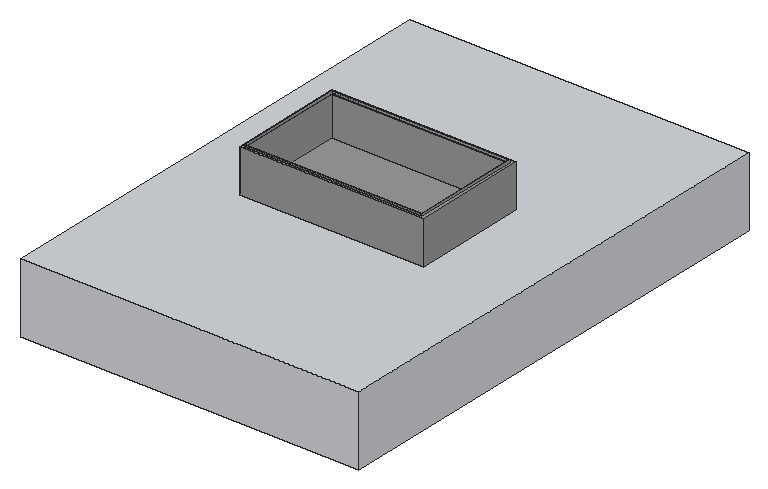
Revit family "Hager-Univers-IP30-D205-H500-Cl.II-Encl-CH-fr", category Equipement électrique, Revit 2020
Family settings
  Hôte = Face
  Configuration du panneau = Deux colonnes, circuits au sein
  Cote de connecteur circulaire = Utiliser le diamètre
  Type d'élément = Tableau de raccordement
  Couper avec des vides une fois chargée = Non
  Partagée = Non
  Point de calcul de pièce = Non
Parameters (values of type "saillie IP30 L800 H500 P205  - FP33Q1S")
  Width Control [instance] = if([EF000008 - largeur] > Min Width, [EF000008 - largeur], Min Width)  # 800 mm
  Commentaires du type = [HG000003 - Gamme]  # "Univers"
  Thickness Door [instance] = if([EF009171 - épaisseur de matériau de la porte/du couvercle] > 3 mm, 3 mm, [EF009171 - épaisseur de matériau de la porte/du couvercle])  # 1 mm
  Seal Frame Offset [instance] = 17 mm  # constant formula
  Plinth Visibility [instance] = [HG000027 - Hauteur du socle] > 0 mm  # no
  Model = ""
  Min Width [instance] = 100 mm  # constant formula
  Min Height [instance] = 100 mm  # constant formula
  Min Depth [instance] = (2 * [EF009170 - épaisseur de matériau du boîtier]) + 1 mm  # 3 mm
  Internal Frame Depth [instance] = (Door System Depth * 0.5)  # 9 mm
  Height Control [instance] = if([EF000040 - hauteur] > Min Height, [EF000040 - hauteur], Min Height)  # 500 mm
  HG000027 - Hauteur du socle = 0 mm
  HG000026 - Installation au sol = no
  HG000024 - Hauteur de la section basse = 800 mm
  HG000023 - Armoire double section = no
  HG000016 - Visibilité de la porte 3D [instance] = yes
  HG000015 - Visibilité de l'emprise de la porte [instance] = no
  HG000014 - Porte à droite [instance] = yes
  HG000013 - Porte à gauche [instance] = not([HG000014 - Porte à droite])  # no
  HG000012 - Angle de pivotement de la porte [instance] = 30.00°
  HG000010 - Portes asymétriques = no
  HG000009 - Porte à double battant = no
  HG000006 - Encastré = no
  HG000004 - Référence fabricant = "FP33Q1S"
  HG000003 - Gamme = "Univers"
  HG000002 - avec porte = no
  Frame Offset Bottom [instance] = 10 mm  # constant formula
  Frame Offset [instance] = 15 mm  # constant formula
  EF015940 - couvercle avec décharge de pression = no
  EF011959 - degré de protection (NEMA) = ""
  EF009554 - nombre d'ouvertures pour plaques à bride = 6
  Fabricant = "Hager"  # constant formula
  EF009212 - finition du couvercle = "EV009916 - avec échancrure"
  EF009171 - épaisseur de matériau de la porte/du couvercle = 1 mm
  EF009170 - épaisseur de matériau du boîtier = 1 mm
  EF008873 - courant nominal (In) = 250 A
  EF007800 - adapté à un parafoudre = no
  EF006306 - avec serrure = no
  EF006244 - couvercle/porte transparent(e) = no
  EF005474 - indice de protection (IP) = "EV006410 - IP30"
  EF004464 - type de porte = "EV000494 - sans"
  EF004427 - nombre de modules = 108
  EF004293 - indice de protection contre les chocs (IK) = "EV006813 - IK07"
  EF003532 - convient pour utilisation à l’extérieur = no
  EF002950 - largeur en nombre de modules = 36
  EF001613 - maintien de fonction = "EV000494 - sans"
  EF001596 - matériau du boîtier/corps = "EV000179 - acier"
  EF001131 - profondeur intérieure = 130 mm
  EF001088 - possibilité de montage en saillie = yes
  EF000437 - nombre d'entrées de conduit = 6
  EF000339 - type de capot = "EV000494 - sans"
  EF000266 - nombre de rangées = 3
  EF000218 - profondeur d'encastrement = 0 mm
  EF000118 - avec cadre/support de montage = no
  EF000116 - numéro RAL = "9010"
  EF000049 - profondeur = 205 mm
  EF000040 - hauteur = 500 mm
  EF000008 - largeur = 800 mm
  EF000007 - couleur = "EV000202 - blanc"
  EF000003 - mode de pose = "EV000384 - saillie"
  Door System Leaf Tolerance [instance] = 1.5 mm  # constant formula
  Door System Depth [instance] = 18 mm  # constant formula
  Door Height [instance] = Height Control - [HG000027 - Hauteur du socle]  # 500 mm
  Depth Control [instance] = if([EF000049 - profondeur] > Min Depth, [EF000049 - profondeur], Min Depth)  # 205 mm
  Default Elevation = 0 mm
  Connector Offset [instance] = Height Control / 2  # 250 mm
  Bottom Top Plate Trim [instance] = 1.5 mm  # constant formula
  Plinth height Ctrl [instance] = if([HG000027 - Hauteur du socle] > 0 mm, [HG000027 - Hauteur du socle], 12 mm)  # 12 mm
Types (5, lengths in mm): name | Width Control | HG000004 - Référence fabricant | EF009554 - nombre d'ouvertures pour plaques à bride | EF004427 - nombre de modules | EF002950 - largeur en nombre de modules | EF000437 - nombre d'entrées de conduit | EF000008 - largeur
  saillie IP30 L1050 H500 P205  - FP34Q1S | 1050 | "FP34Q1S" | 8 | 144 | 48 | 8 | 1050
  saillie IP30 L1300 H500 P205  - FP35Q1S | 1300 | "FP35Q1S" | 10 | 180 | 60 | 10 | 1300
  saillie IP30 L300 H500 P205  - FP31Q1S | 300 | "FP31Q1S" | 2 | 36 | 12 | 2 | 300
  saillie IP30 L550 H500 P205  - FP32Q1S | 550 | "FP32Q1S" | 4 | 72 | 24 | 4 | 550
  saillie IP30 L800 H500 P205  - FP33Q1S | 800 | "FP33Q1S" | 6 | 108 | 36 | 6 | 800
Reference planes
  plane 1 "Center (Front/Back)": y = 0
  plane 2: z = 0
  plane 3 "Center (Left/Right)": x = 0
  plane 4: z = 205
  plane 5: y = 1
  plane 6: y = 250
  plane 7: y = 0
  plane 8: y = 500
  plane 9: z = 0
  plane 10: x = -385
  plane 11: x = 385
  plane 12: x = 384
  plane 13: x = -384
  plane 14: y = 499
  plane 15: x = -383
  plane 16: x = -400
  plane 17: x = 383
  plane 18: x = 400
  plane 19: x = 399
  plane 20: x = -399
  plane 21: y = 11
  plane 22: y = 500
  plane 23: y = 484
  plane 24: z = 187
  plane 25: z = 1
  plane 26: z = 186
  plane 27: z = 204
Forms (mm)
  Extrusion 1, solid
    sketch origin (0, 0, 0) x (1, 0, 0) y (0, 1, 0)
      loop
        line (-702.964, 1305) -> (-702.964, -811.445) -> (766.763, -811.445) -> (766.763, 1305) -> (-702.964, 1305)
    from 0 to -304.8
  Extrusion 2, solid, material "Hager_Steel_RAL7035_Light_Grey", visible <- "Plinth Visibility", detail levels medium+fine
    sketch origin (0, 0, 0) x (1, 0, 0) y (0, 1, 0)
      loop
        line (-400, 0) -> (400, 0) -> (400, 12) -> (-400, 12) -> (-400, 0)
    from 0 to 187
  Extrusion 3, solid, material "Hager_Steel_RAL7035_Light_Grey", detail levels medium+fine
    sketch origin (0, 0, 0) x (1, 0, 0) y (0, 1, 0)
      loop
        line (-400, 0) -> (400, 0) -> (400, 500) -> (-400, 500) -> (-400, 0)
    from 0 to 187
  Extrusion 4, void
    sketch origin (0, 0, 0) x (1, 0, 0) y (0, 1, 0)
      loop
        line (-399, 1) -> (399, 1) -> (399, 499) -> (-399, 499) -> (-399, 1)
    from 1 to 186
  Extrusion 5, void
    sketch origin (-381.607, -4572, 187) x (0, -1, 0) y (-1, 0, 0)
      loop
        line (-4583, 2.393) -> (-5056, 2.393) -> (-5056, -765.607) -> (-4583, -765.607) -> (-4583, 2.393)
    from 0 to 1 <- "EF009170 - épaisseur de matériau du boîtier"
  Extrusion 6, solid, material "Hager_Steel_RAL7035_Light_Grey", detail levels fine
    sketch origin (0, 0, 187) x (1, 0, 0) y (0, 1, 0)
      loop
        line (-384, 484) -> (-384, 11) -> (384, 11) -> (384, 484) -> (-384, 484)
      loop
        line (-385, 10) -> (385, 10) -> (385, 485) -> (-385, 485) -> (-385, 10)
    from 0 to 9 <- "Internal Frame Depth"
  Extrusion 7, solid, material "Hager_Steel_RAL7035_Light_Grey", detail levels coarse
    sketch origin (0, 0, 0) x (1, 0, 0) y (0, 1, 0)
      loop
        line (-400, 0) -> (400, 0) -> (400, 500) -> (-400, 500) -> (-400, 0)
    from 0 to 205
  Sweep 8, void
    path in 3D
      loop
        line (-400, 12, 0) -> (400, 12, 0) -> (400, 12, 187) -> (-400, 12, 187) -> (-400, 12, 0)
    profile origin (-400, 12, 93.5) x (-1, 0, 0) y (0, -1, 0)
      loop
        line (0, 0) -> (0, 1.5) -> (-1.5, 1.5)
        arc (-1.5, 1.5) -> (-1.061, 0.439) -> (0, 0) r 1.5
Cuts and joins
  Extrusion 4, Extrusion 5 cuts Extrusion 3
  Sweep 8 cuts Extrusion 2
Lines and regions (mm)
  Masking region 1
    outline origin (0, 0, 0) x (1, 0, 0) y (0, 0, 1)
      loop
        line (-400, 205) -> (-400, 0) -> (400, 0) -> (400, 205) -> (-400, 205)
  Masking region 2, detail levels medium+fine
    outline origin (0, 140, 0) x (0, 1, 0) y (0, 0, 1)
      loop
        line (-140, 0) -> (360, 0) -> (360, 187) -> (-140, 187) -> (-140, 0)
  Masking region 3, not visible, detail levels medium+fine
    outline origin (0, 297.922, 0) x (0, 1, 0) y (0, 0, 1)
      loop
        line (-36.422, 0) -> (3.578, 0) -> (3.578, 194)
        arc (3.578, 194) -> (0.649, 201.071) -> (-6.422, 204) r 10
        line (-6.422, 204) -> (-36.422, 204) -> (-36.422, 0)
  Masking region 4, detail levels coarse
    outline origin (0, 0, 180) x (0, 1, 0) y (0, 0, 1)
      loop
        line (0, -180) -> (500, -180) -> (500, 25) -> (0, 25) -> (0, -180)
  Masking region 5, visible <- "Plinth Visibility", detail levels medium+fine
    outline origin (0, 52.24, 12.345) x (0, 0, -1) y (0, 1, 0)
      loop
        line (10.845, -40.24) -> (-173.155, -40.24)
        arc (-173.155, -40.24) -> (-173.594, -41.301) -> (-174.655, -41.74) r 1.5
        line (-174.655, -41.74) -> (-174.655, -52.24) -> (12.345, -52.24) -> (12.345, -41.74)
        arc (12.345, -41.74) -> (11.285, -41.301) -> (10.845, -40.24) r 1.5
  Masking region 6, detail levels medium+fine
    outline origin (-381.607, -4572, 187) x (-1, 0, 0) y (0, -1, 0)
      loop
        line (18.393, -5072) -> (18.393, -4572) -> (-781.607, -4572) -> (-781.607, -5072) -> (18.393, -5072)
  Masking region 7, visible <- "Plinth Visibility", detail levels medium+fine
    outline origin (-381.607, -4727, 187) x (-1, 0, 0) y (0, -1, 0)
      loop
        arc (16.893, -4739) -> (17.332, -4737.939) -> (18.393, -4737.5) r 1.5
        line (18.393, -4737.5) -> (18.393, -4727) -> (-781.607, -4727) -> (-781.607, -4737.5)
        arc (-781.607, -4737.5) -> (-780.546, -4737.939) -> (-780.107, -4739) r 1.5
        line (-780.107, -4739) -> (16.893, -4739)
  Masking region 8, detail levels coarse
    outline origin (-442.548, -4669.526, 187) x (-1, 0, 0) y (0, -1, 0)
      loop
        line (-42.548, -5169.526) -> (-42.548, -4669.526) -> (-842.548, -4669.526) -> (-842.548, -5169.526) -> (-42.548, -5169.526)
  sketch lines
    curve 1: line (-400, 12, 187) -> (-400, 12, 0)
    curve 2: line (400, 12, 187) -> (-400, 12, 187)
    curve 3: line (400, 12, 187) -> (400, 12, 0)
    curve 4: line (-400, 12, 0) -> (400, 12, 0)
Dimensions and locks
  "Depth Control": plane 4 to Extrusion 1
  "HG000027 - Hauteur du socle": plane 1 "Center (Front/Back)" to plane 7
  "EF009170 - épaisseur de matériau du boîtier": plane 5 to plane 7
  locked: connector elem to plane 3 "Center (Left/Right)"
  equal spacing: plane 8, plane 6, plane 7
  locked: connector elem to plane 6
  "EF009170 - épaisseur de matériau du boîtier": plane 8 to plane 14
  "EF009170 - épaisseur de matériau du boîtier": plane 10 to plane 13
  "EF009170 - épaisseur de matériau du boîtier": plane 12 to plane 11
  "Frame Offset": plane 20 to plane 13
  "Frame Offset": plane 12 to plane 19
  "EF009170 - épaisseur de matériau du boîtier": plane 16 to plane 20
  "EF009170 - épaisseur de matériau du boîtier": plane 19 to plane 18
  "Seal Frame Offset": plane 16 to plane 15
  "Seal Frame Offset": plane 17 to plane 18
  "Frame Offset Bottom": plane 21 to plane 5
  "Frame Offset": plane 14 to plane 23
  equal spacing: plane 16, plane 3 "Center (Left/Right)", plane 18
  "Width Control": plane 16 to plane 18
  "EF009170 - épaisseur de matériau du boîtier": plane 4 to plane 27
  "EF009170 - épaisseur de matériau du boîtier": plane 24 to plane 26
  "EF009170 - épaisseur de matériau du boîtier": plane 25 to level
  "Door System Depth": plane 4 to plane 24
  "Height Control": plane 1 "Center (Front/Back)" to Extrusion 7 sketch curve
  "Height Control": Masking region 4 sketch curve to plane 1 "Center (Front/Back)"
  "Height Control": plane 1 "Center (Front/Back)" to plane 22
  "Bottom Top Plate Trim": profile plane to Sweep 8 sketch curve
  "Bottom Top Plate Trim": Sweep 8 sketch curve to profile plane
  "Plinth height Ctrl": plane 1 "Center (Front/Back)" to Extrusion 2 sketch curve
  "Plinth height Ctrl": Masking region 5 sketch curve to plane 1 "Center (Front/Back)"
  "Plinth height Ctrl": plane 1 "Center (Front/Back)" to Masking region 7 sketch curve
  "Thickness Door": Extrusion 6 sketch curve to Extrusion 6 sketch curve  (x3)
  "Thickness Door": cut or joined group of Extrusion 3, Extrusion 4, Extrusion 5 to Extrusion 6 sketch curve
  radius of Masking region 3 sketch curve = 10 mm
  "Bottom Top Plate Trim": radius of Masking region 5 sketch curve  (x2)
  "Bottom Top Plate Trim": radius of Sweep 8 sketch curve
  "Bottom Top Plate Trim": radius of Masking region 7 sketch curve  (x2)
  aligned and locked: plane 2 to Extrusion 1
  aligned and locked: level to Extrusion 1
  aligned and locked: level to Masking region 1 sketch curve
  aligned and locked: Masking region 1 sketch curve to plane 18
  aligned and locked: Masking region 1 sketch curve to plane 16
  aligned and locked: plane 7 to Masking region 2 sketch curve
  aligned and locked: level to Masking region 3 sketch curve
  aligned and locked: Masking region 3 sketch curve to plane 27
  aligned and locked: level to Masking region 2 sketch curve
  aligned and locked: plane 1 "Center (Front/Back)" to Extrusion 2 sketch curve
  aligned and locked: Extrusion 3 sketch curve to plane 7
  aligned and locked: plane 16 to Extrusion 3 sketch curve
  aligned and locked: plane 18 to Extrusion 3 sketch curve
  aligned and locked: plane 20 to Extrusion 4 sketch curve
  aligned and locked: plane 19 to Extrusion 4 sketch curve
  aligned and locked: Extrusion 4 sketch curve to plane 5
  aligned and locked: Extrusion 4 to plane 25
  aligned and locked: plane 26 to Extrusion 4
  aligned and locked: plane 24 to Extrusion 3
  aligned and locked: Extrusion 5 sketch curve to plane 21
  aligned and locked: Extrusion 5 sketch curve to plane 13
  aligned and locked: Extrusion 5 sketch curve to plane 12
  aligned and locked: plane 18 to Extrusion 7 sketch curve
  aligned and locked: plane 1 "Center (Front/Back)" to Extrusion 7 sketch curve
  aligned and locked: plane 16 to Extrusion 7 sketch curve
  aligned and locked: plane 4 to Extrusion 7
  aligned and locked: Extrusion 7 to level
  aligned and locked: level to Masking region 4 sketch curve
  aligned and locked: Masking region 4 sketch curve to plane 1 "Center (Front/Back)"
  aligned and locked: Masking region 4 sketch curve to plane 4
  aligned and locked: nested 1 to level
  aligned and locked: nested 1 to plane 16
  aligned and locked: plane 8 to Extrusion 3 sketch curve
  aligned and locked: plane 23 to Extrusion 5 sketch curve
  aligned and locked: plane 14 to Extrusion 4 sketch curve
  aligned and locked: Masking region 2 sketch curve to plane 8
  aligned and locked: level to Masking region 5 sketch curve
  aligned and locked: plane 16 to Extrusion 2 sketch curve
  aligned and locked: plane 18 to Extrusion 2 sketch curve
  aligned and locked: Masking region 5 sketch curve to plane 24
  aligned and locked: Masking region 2 sketch curve to plane 24
  aligned and locked: plane 24 to Extrusion 2
  aligned and locked: profile plane to Sweep 8 sketch curve  (x2)
  aligned and locked: Masking region 6 sketch curve to plane 18
  aligned and locked: Masking region 6 sketch curve to plane 22
  aligned and locked: Masking region 6 sketch curve to plane 16
  aligned and locked: plane 8 to plane 22
  aligned and locked: Masking region 6 sketch curve to plane 7
  aligned and locked: Masking region 7 sketch curve to plane 16
  aligned and locked: Masking region 7 sketch curve to plane 1 "Center (Front/Back)"
  aligned and locked: Masking region 7 sketch curve to plane 18
  aligned and locked: Masking region 8 sketch curve to plane 1 "Center (Front/Back)"
  aligned and locked: Masking region 8 sketch curve to plane 18
  aligned and locked: Masking region 8 sketch curve to plane 22
  aligned and locked: Masking region 8 sketch curve to plane 16
  aligned and locked: nested 2 to plane 7
  aligned and locked: plane 3 "Center (Left/Right)" to nested 2
  aligned and locked: nested 2 to plane 24
  aligned and locked: Extrusion 6 sketch curve to cut or joined group of Extrusion 3, Extrusion 4, Extrusion 5  (x4)
Automatic sketch dimensions
  Extrusion 1 sketch curve to Extrusion 1 sketch curve = 1469.727 mm
  Extrusion 1 sketch curve to Extrusion 1 sketch curve = 2116.445 mm
  Masking region 1 sketch curve to plane 4 = 0 mm
  plane 6 to Masking region 3 sketch curve = 11.5 mm
  Masking region 3 sketch curve to Masking region 3 sketch curve = 30 mm
  Masking region 5 sketch curve to plane 1 "Center (Front/Back)" = 0 mm
Nested families
  nested 1: "Hager_Enclosure_Symbol" at (-400, 0, 0) x (1, 0, 0) z (0, -1, 0), Height <- "Depth Control", Width <- "Width Control", type "Hager_Enclosure_Symbol"
    with Width_Ctrl 800 mm, Width 800 mm, Height_Ctrl 205 mm, Height 205 mm, A_Width_Int 13.453 mm, A_Width 161.438 mm, A_Height_Ctrl 179.375 mm, A_Height 179.375 mm
  nested 2: "EC000058_Univers_Door" at (0, 0, 187) x (1, 0, 0) z (0, 1, 0), Leaf_Tolerance <- "Door System Leaf Tolerance", Angle <- "HG000012 - Angle de pivotement de la porte", Door_Depth <- "Door System Depth", Door_Left <- "HG000013 - Porte à gauche", Transparent <- "EF006244 - couvercle/porte transparent(e)", Assymetrical <- "HG000010 - Portes asymétriques", Width <- "Width Control", Clearance <- "HG000015 - Visibilité de l'emprise de la porte", Double <- "HG000009 - Porte à double battant", 3d_Door <- "HG000016 - Visibilité de la porte 3D", Lock_Visibility <- "EF006306 - avec serrure", Width_Ctrl <- "Width Control", Door_Right <- "HG000014 - Porte à droite", Door <- "HG000002 - avec porte", Height <- "Door Height", Thickness <- "Thickness Door", type "EC000058_Univers_Door", detail levels medium+fine
    with min_wh 3 mm, Width_Ctrl 800 mm, Width 800 mm, Transparent no, Thickness 1 mm, Seal_Material Hager_Rubber, Lock_Visibility no, Lock_Material Hager_Plastic_RAL9005_Jet_Black, Leaf_Width 800 mm, Leaf_Tolerance_External_Sides 0 mm, Leaf_Tolerance 1.5 mm, Leaf_Offset 0 mm, Leaf_Height 497 mm, Leaf_2_Width 800 mm, Leaf_2_Offset 400 mm, Leaf_1_Width 800 mm, Leaf_1_Offset 400 mm, Height_Ctrl 500 mm, Height 500 mm, Glass_Material Hager_Glass, Double_Clearance_Ctrl no, Double no, Door_Right_Ctrl no, Door_Right yes, Door_Material Hager_Steel_RAL7035_Light_Grey, Door_Left_Ctrl no, Door_Left no, Door_Depth 18 mm, Door no, Clearance_Material Hager_Clearance, Clearance_Depth 800 mm, Clearance_Ctrl no, Clearance no, Assymetrical no, Angle 30.00°, 3d_Door yes
Connectors
  electrical at (0, 250, 0)
    settings: on plane 9, index 1, voltage 0 V, apparent load 0 VA, apparent load phase1 0 VA, apparent load phase2 0 VA, apparent load phase3 0 VA, power factor 1, load classification "Other", number of poles 1, system type 30, power factor state 1, is connector primary yes, connector utility no, sub classification motor no, connector description ""
Definition of nested family "Hager_Enclosure_Symbol"
  Parameters (values of type "Hager_Enclosure_Symbol")
    Width_Ctrl [instance] = if(Width > 1 mm, Width, 1 mm)  # 102.27 mm
    Width [instance] = 102.27 mm
    Height_Ctrl [instance] = if(Height > 1 mm, Height, 1 mm)  # 66.5 mm
    A_Width_Int [instance] = if(A_Width / 12 > 2 mm, A_Width / 12, 2 mm)  # 4.364 mm
    A_Width [instance] = if(A_Height_Ctrl * 0.9 > 2 mm, A_Height_Ctrl * 0.9, 2 mm)  # 52.369 mm
    A_Height_Ctrl [instance] = if(A_Height > 2 mm, A_Height, 2 mm)  # 58.188 mm
    Height [instance] = 66.5 mm
    A_Height [instance] = Height - (Height / 8)  # 58.188 mm
  Reference planes
    plane 1 "Centre (avant/arrière)": y = 0
    plane 2: z = 0
    plane 3 "Centre (gauche/droite)": x = 0
    plane 4: x = 52.369
    plane 5: y = 33.042
    plane 6: y = 41.77
    plane 7: y = 66.5
    plane 8: x = 26.184
    plane 9: y = 37.406
    plane 10: x = 102.27
    plane 11: y = 66.5
    plane 12: y = 8.313
  Lines and regions (mm)
    Filled region 1, type "Solid_Black", in view "Niveau de réf."
      outline origin (0, 0, 0) x (1, 0, 0) y (0, 1, 0)
        loop
          line (52.369, 66.5) -> (33.188, 54.536) -> (45.365, 45.006) -> (52.369, 66.5)
    Filled region 2, type "Solid_Black", in view "Niveau de réf."
      outline origin (0, 0, 0) x (1, 0, 0) y (0, 1, 0)
        loop
          line (0, 0) -> (102.27, 0) -> (102.27, 66.5) -> (0, 0)
    detail lines, in view "Niveau de réf."
      curve 1: line (0, 8.313, 0) -> (26.184, 41.77, 0)
      curve 2: line (26.184, 41.77, 0) -> (26.184, 33.042, 0)
      curve 3: line (26.184, 33.042, 0) -> (52.369, 66.5, 0)
  Dimensions and locks
    "A_Width": plane 3 "Centre (gauche/droite)" to plane 4
    equal spacing: plane 3 "Centre (gauche/droite)", plane 8, plane 4
    equal spacing: plane 6, plane 9, plane 5
    equal spacing: curve 3, Filled region 1 sketch curve, Filled region 1 sketch curve
    "Height_Ctrl": plane 1 "Centre (avant/arrière)" to plane 11
    "A_Height_Ctrl": plane 11 to plane 12
    equal spacing: plane 11, plane 9, plane 12
    "A_Width_Int": plane 6 to plane 9
    "Width_Ctrl": plane 3 "Centre (gauche/droite)" to plane 10
    angle Filled region 1 sketch curve to curve 3 = 20.00°
    angle curve 3 to Filled region 1 sketch curve = 20.00°
    locked: curve 3 to Filled region 1 sketch curve (angle 90.00°)
    aligned and locked: plane 10 to Filled region 2
    aligned and locked: plane 11 to Filled region 2 sketch curve
    aligned and locked: plane 10 to Filled region 2 sketch curve
    aligned and locked: plane 3 "Centre (gauche/droite)" to curve 1
    aligned and locked: plane 12 to curve 1
    aligned and locked: plane 7 to plane 11
  Automatic sketch dimensions
    Filled region 1 sketch curve to plane 4 = 0 mm
    Filled region 1 sketch curve to plane 7 = 0 mm
    plane 1 "Centre (avant/arrière)" to Filled region 2 sketch curve = 0 mm
    Filled region 2 sketch curve to plane 3 "Centre (gauche/droite)" = 0 mm
    curve 2 to plane 6 = 0 mm
    curve 2 to plane 8 = 0 mm
    curve 3 to plane 4 = 0 mm
    curve 2 to plane 5 = 0 mm
    curve 3 to plane 7 = 0 mm
Definition of nested family "EC000058_Univers_Door"
  Parameters (values of type "EC000058_Univers_Door")
    min_wh [instance] = (2 * Thickness) + 1 mm  # 11 mm
    Width_Ctrl [instance] = 400 mm
    Width [instance] = 500 mm
    Transparent [instance] = yes
    Thickness [instance] = 5 mm
    Seal_Material [instance] = none
    Lock_Visibility [instance] = yes
    Lock_Material [instance] = none
    Leaf_Width [instance] = if((Width_Ctrl - 2 * Leaf_Tolerance_External_Sides) > 0 mm, (Width_Ctrl - 2 * Leaf_Tolerance_External_Sides), min_wh)  # 400 mm
    Leaf_Tolerance_External_Sides [instance] = 0 mm  # constant formula
    Leaf_Tolerance [instance] = 1.5 mm
    Leaf_Offset [instance] = 0 mm  # constant formula
    Leaf_Height [instance] = if((Height_Ctrl - 2 * Leaf_Tolerance) > 0 mm, (Height_Ctrl - 2 * Leaf_Tolerance), min_wh)  # 497 mm
    Leaf_2_Width [instance] = if(and(and(Double, Assymetrical), Door_Left), (Leaf_Width / 3) - (Leaf_Tolerance / 2), if(and(and(Double, Assymetrical), Door_Right), (Leaf_Width / 3) * 2 - (Leaf_Tolerance / 2), if(and(Double, not(Assymetrical)), (Leaf_Width / 2) - Leaf_Tolerance, Leaf_Width)))  # 400 mm
    Leaf_2_Offset [instance] = if(and(Double, Assymetrical), Leaf_2_Width / 2, if(and(Double, not(Assymetrical)), Leaf_Width / 4, Leaf_Width / 2))  # 200 mm
    Leaf_1_Width [instance] = if(and(and(Double, Assymetrical), Door_Right), (Leaf_Width / 3) - (Leaf_Tolerance / 2), if(and(and(Double, Assymetrical), Door_Left), (Width / 3) * 2 - (Leaf_Tolerance / 2), if(and(Double, not(Assymetrical)), (Leaf_Width / 2) - Leaf_Tolerance, Leaf_Width)))  # 400 mm
    Leaf_1_Offset [instance] = if(and(Double, Assymetrical), Leaf_1_Width / 2, if(and(Double, not(Assymetrical)), Leaf_Width / 4, Leaf_Width / 2))  # 200 mm
    Height_Ctrl [instance] = if(Height > min_wh, Height, min_wh)  # 500 mm
    Height [instance] = 500 mm
    Glass_Material [instance] = none
    Double_Clearance_Ctrl [instance] = and(Double, Clearance)  # no
    Double [instance] = no
    Door_Right_Ctrl [instance] = and(or(Door_Right, Double), Door)  # yes
    Door_Right [instance] = yes
    Door_Material [instance] = none
    Door_Left_Ctrl [instance] = and(or(Door_Left, Double), Door)  # no
    Door_Left [instance] = no
    Door_Depth [instance] = 30 mm
    Door [instance] = yes
    Default Elevation = 1219.2 mm
    Clearance_Material [instance] = none
    Clearance_Depth [instance] = if(Leaf_1_Width > Leaf_2_Width, Leaf_1_Width, Leaf_2_Width)  # 400 mm
    Clearance_Ctrl [instance] = and(not(Double), Clearance)  # yes
    Clearance [instance] = yes
    Assymetrical [instance] = yes
    Angle [instance] = 30.00°
    3d_Door [instance] = yes
  Reference planes
    plane 1 "Center (Front/Back)": y = 0
    plane 2 "Bottom": z = 0
    plane 3 "Center (Left/Right)": x = 0
    plane 4: z = 500
    plane 5: x = -200
    plane 6: x = 200
    plane 7: z = 500
    plane 8: x = -200
    plane 9: z = 0
    plane 10: x = 200
    plane 11: y = 0
    plane 12: z = 1.5
    plane 13: x = -600
    plane 14: y = -400
    plane 15: x = 600
    plane 16: x = 0
    plane 17: x = 0
    plane 18: x = -200
    plane 19: x = 200
    plane 20: z = 498.5
  Forms (mm)
    Extrusion 1, solid, material <- "Clearance_Material", visible <- "Double_Clearance_Ctrl"
      sketch origin (1200, 0, 0) x (1, 0, 0) y (0, 0, -1)
        loop
          line (-1800, -498.5) -> (-600, -498.5) -> (-600, 0) -> (-1800, 0) -> (-1800, -498.5)
      from 0 to -400
  Dimensions and locks
    equal spacing: plane 5, plane 3 "Center (Left/Right)", plane 6
    "Width_Ctrl": plane 5 to plane 6
    "Leaf_Offset": plane 5 to plane 8
    "Leaf_Offset": plane 6 to plane 10
    "Leaf_Offset": plane 9 to level
    "Leaf_Offset": plane 4 to plane 7
    "Height_Ctrl": plane 4 to level
    "Leaf_Tolerance": plane 12 to plane 9
    locked: plane 11 to plane 1 "Center (Front/Back)"
    "Leaf_1_Offset": plane 18 to plane 16
    "Leaf_2_Offset": plane 17 to plane 19
    "Leaf_1_Width": plane 13 to plane 8
    "Leaf_2_Width": plane 10 to plane 15
    "Clearance_Depth": plane 14 to plane 1 "Center (Front/Back)"
    "Leaf_Tolerance_External_Sides": plane 8 to plane 18
    "Leaf_Tolerance_External_Sides": plane 19 to plane 10
    "Leaf_Tolerance": plane 7 to plane 20
    aligned and locked: level to plane 2 "Bottom"
    aligned and locked: nested 1 to plane 16
    aligned and locked: nested 2 to plane 17
    aligned and locked: Extrusion 1 to plane 13
    aligned and locked: plane 15 to Extrusion 1
    aligned and locked: Extrusion 1 to plane 14
    aligned and locked: plane 12 to nested 1
    aligned and locked: nested 2 to plane 12
    aligned and locked: Extrusion 1 to plane 11
    aligned and locked: plane 20 to Extrusion 1
    aligned and locked: nested 2 to plane 11
    aligned and locked: nested 1 to plane 11
  Automatic sketch dimensions
    Extrusion 1 sketch curve to level = 0 mm
    plane 5 to Extrusion 1 sketch curve = 400 mm
    plane 6 to Extrusion 1 sketch curve = 400 mm
    Extrusion 1 sketch curve to plane 4 = 1.5 mm
  Nested families
    nested 1: "EC000058_Univers_Door_Leaf" at (0, 0, 1.5), Width <- "Leaf_1_Width", visible <- "Door_Left_Ctrl", Leaf_Height <- "Leaf_Height", Angle <- "Angle", 3d_Door <- "3d_Door", Transparent <- "Transparent", Clearance Material <- "Clearance_Material", Clearance <- "Clearance_Ctrl", Door_Material <- "Door_Material", Glass_Material <- "Glass_Material", Door_Depth <- "Door_Depth", Lock_Material <- "Lock_Material", Seal_Material <- "Seal_Material", Lock_Visibility <- "Lock_Visibility", Thickness <- "Thickness", type "EC000058_Univers_Door_Leaf"
      with Width 400 mm, Transparent_Glass_Offset 30 mm, Transparent_Ctrl yes, Transparent yes, Thickness 5 mm, Standard no, Seal_Material none, Seal_D2 8 mm, Seal_D1 1 mm, Offset_Internal_Frame 10 mm, Lock_Width 20 mm, Lock_Visibility_3d yes, Lock_Visibility yes, Lock_Thickness_3 3 mm, Lock_Thickness_2 1 mm, Lock_Thickness_1 3 mm, Lock_Radius_Offset_2 16 mm, Lock_Radius_Offset_1 15 mm, Lock_Radius_2 5 mm, Lock_Radius 6 mm, Lock_Offset 5 mm, Lock_Material none, Lock_Height 80 mm, Lock_Cover_Top_Offset_2d 17 mm, Lock_Cover_Height -65 mm, Leaf_Height 497 mm, Internal_Seal_Thickness 8 mm, Internal_Seal_Depth_2 4.5 mm, Internal_Frame_Depth 25 mm, Glass_Thickness -1 mm, Glass_Offset -2 mm, Glass_Material none, Door_Material none, Door_Depth 30 mm, Clearance Material none, Clearance yes, Angle_Ctrl 30.00°, Angle 30.00°, 3d_Door yes
    nested 2: "EC000058_Univers_Door_Leaf" at (0, 0, 1.5) x (-1, 0, 0) z (0, 0, 1), Width <- "Leaf_2_Width", visible <- "Door_Right_Ctrl", Leaf_Height <- "Leaf_Height", Angle <- "Angle", 3d_Door <- "3d_Door", Transparent <- "Transparent", Clearance Material <- "Clearance_Material", Clearance <- "Clearance_Ctrl", Door_Material <- "Door_Material", Glass_Material <- "Glass_Material", Door_Depth <- "Door_Depth", Lock_Material <- "Lock_Material", Seal_Material <- "Seal_Material", Lock_Visibility <- "Lock_Visibility", Thickness <- "Thickness", type "EC000058_Univers_Door_Leaf"
      with Width 400 mm, Transparent_Glass_Offset 30 mm, Transparent_Ctrl yes, Transparent yes, Thickness 5 mm, Standard no, Seal_Material none, Seal_D2 8 mm, Seal_D1 1 mm, Offset_Internal_Frame 10 mm, Lock_Width 20 mm, Lock_Visibility_3d yes, Lock_Visibility yes, Lock_Thickness_3 3 mm, Lock_Thickness_2 1 mm, Lock_Thickness_1 3 mm, Lock_Radius_Offset_2 16 mm, Lock_Radius_Offset_1 15 mm, Lock_Radius_2 5 mm, Lock_Radius 6 mm, Lock_Offset 5 mm, Lock_Material none, Lock_Height 80 mm, Lock_Cover_Top_Offset_2d 17 mm, Lock_Cover_Height -65 mm, Leaf_Height 497 mm, Internal_Seal_Thickness 8 mm, Internal_Seal_Depth_2 4.5 mm, Internal_Frame_Depth 25 mm, Glass_Thickness -1 mm, Glass_Offset -2 mm, Glass_Material none, Door_Material none, Door_Depth 30 mm, Clearance Material none, Clearance yes, Angle_Ctrl 30.00°, Angle 30.00°, 3d_Door yes
  Definition of nested family "EC000058_Univers_Door_Leaf"
    Parameters (values of type "EC000058_Univers_Door_Leaf")
      Width [instance] = 2000 mm
      Transparent_Glass_Offset [instance] = 30 mm
      Transparent_Ctrl [instance] = and(Transparent, [3d_Door])  # yes
      Transparent [instance] = yes
      Thickness [instance] = 5 mm
      Standard [instance] = and(not(Transparent), [3d_Door])  # no
      Seal_Material [instance] = none
      Seal_D2 [instance] = 8 mm  # constant formula
      Seal_D1 [instance] = 1 mm  # constant formula
      Offset_Internal_Frame [instance] = 10 mm  # constant formula
      Lock_Width [instance] = 20 mm  # constant formula
      Lock_Visibility_3d [instance] = and(Lock_Visibility, [3d_Door])  # yes
      Lock_Visibility [instance] = yes
      Lock_Thickness_3 [instance] = 3 mm  # constant formula
      Lock_Thickness_2 [instance] = 1 mm  # constant formula
      Lock_Thickness_1 [instance] = 3 mm  # constant formula
      Lock_Radius_Offset_2 [instance] = Lock_Radius_Offset_1 + 1 mm  # 16 mm
      Lock_Radius_Offset_1 [instance] = 15 mm  # constant formula
      Lock_Radius_2 [instance] = Lock_Radius - 1 mm  # 5 mm
      Lock_Radius [instance] = 6 mm  # constant formula
      Lock_Offset [instance] = 5 mm  # constant formula
      Lock_Material [instance] = none
      Lock_Height [instance] = 80 mm  # constant formula
      Lock_Cover_Top_Offset_2d [instance] = Lock_Radius_Offset_2 + 1 mm  # 17 mm
      Lock_Cover_Height [instance] = -(Lock_Height - Lock_Radius_Offset_1)  # -65 mm
      Leaf_Height [instance] = 2720.336 mm
      Internal_Seal_Thickness [instance] = 8 mm  # constant formula
      Internal_Seal_Depth_2 [instance] = 4.5 mm  # constant formula
      Internal_Frame_Depth [instance] = if(Door_Depth - Thickness > 5 mm, Door_Depth - Thickness, 5 mm)  # 25 mm
      Glass_Thickness [instance] = if(Thickness > 15 mm, Glass_Offset + 10 mm, -1 mm)  # -1 mm
      Glass_Offset [instance] = if(Thickness > 15 mm, -(Thickness + 10 mm) / 2, -2 mm)  # -2 mm
      Glass_Material [instance] = none
      Door_Material [instance] = none
      Door_Depth [instance] = 30 mm
      Default Elevation = 0 mm
      Clearance Material [instance] = none
      Clearance [instance] = yes
      Angle_Ctrl [instance] = if(Angle > 180.00°, 180.00°, Angle)  # 90.00°
      Angle [instance] = 90.00°
      3d_Door [instance] = yes
    Reference planes
      plane 1 "Center (Front/Back)": y = 0
      plane 2: z = 0
      plane 3 "Center (Left/Right)": x = 0
      plane 4: y = 2000
      plane 5: x = -1000
      plane 6: x = 1000
      plane 7: x = -3000
      plane 8: z = 2720.336
      plane 9: z = 30
      plane 10: z = 2690.336
      plane 11: x = 970
      plane 12: x = -970
      plane 13: y = -3
      plane 14: z = 107.833
      plane 15: y = -5
      plane 16: y = -223.314
      plane 17: x = -1000
      plane 18: z = 1360.168
      plane 19: y = 30
    Forms (mm)
      Extrusion 1, solid, material <- "Clearance Material", visible <- "Clearance"
        sketch origin (0, 0, 0) x (1, 0, 0) y (0, 0, 1)
          loop
            line (-3000, 2720.336) -> (-3000, 0) -> (1000, 0) -> (1000, 2720.336) -> (-3000, 2720.336)
        from 0 to -2000
      Extrusion 2, solid, material <- "Door_Material", visible <- "Standard", detail levels medium+fine
        sketch origin (-1000, 0, 0) x (0, 1, 0) y (-1, 0, 0)
          loop
            line (0, 30) -> (0, 25) -> (2000, 25) -> (2000, 30) -> (0, 30)
        from 0 to 2720.336 <- "Leaf_Height"
      Extrusion 3, solid, material <- "Door_Material", visible <- "Transparent_Ctrl", detail levels medium+fine
        sketch origin (-1000, 0, 0) x (0, 1, 0) y (-1, 0, 0)
          loop
            line (0, 25) -> (2000, 25) -> (2000, 30) -> (0, 30) -> (0, 25)
        from 0 to 2720.336 <- "Leaf_Height"
      Extrusion 4, void
        sketch origin (-1025, 2000, 0) x (0, 1, 0) y (0, 0, -1)
          loop
            line (-30, -2690.336) -> (-30, -30) -> (-1970, -30) -> (-1970, -2690.336) -> (-30, -2690.336)
        from 0 to 5 <- "Thickness"
      Sweep 5, solid, material <- "Seal_Material", visible <- "Transparent_Ctrl", detail levels fine
        path in 3D
          loop
            line (-1025, 30, 30) -> (-1025, 30, 2690.336) -> (-1025, 1970, 2690.336) -> (-1025, 1970, 30) -> (-1025, 30, 30)
        profile origin (-1025, 1000, 30) x (1, 0, 0) y (0, 0, 1)
          loop
            line (0, 0) -> (0, -8) -> (1, -8) -> (1, 0) -> (0, 0)
      Extrusion 6, solid, material <- "Glass_Material", visible <- "Transparent_Ctrl", detail levels medium+fine
        sketch origin (-1030, 0, 0) x (0, 1, 0) y (0, 0, -1)
          loop
            line (1970, -2690.336) -> (1970, -30) -> (30, -30) -> (30, -2690.336) -> (1970, -2690.336)
        from -2 <- "Glass_Offset" to -1 <- "Glass_Thickness"
      Extrusion 7, solid, material <- "Door_Material", visible <- "3d_Door", detail levels medium+fine
        sketch origin (-1025, 2000, 0) x (0, -1, 0) y (0, 0, -1)
          loop
            line (0, -2720.336) -> (2000, -2720.336) -> (2000, 0) -> (0, 0) -> (0, -2720.336)
          loop
            line (1995, -5) -> (5, -5) -> (5, -2715.336) -> (1995, -2715.336) -> (1995, -5)
        from 0 to 25 <- "Internal_Frame_Depth"
      Sweep 8, solid, material <- "Seal_Material", visible <- "Transparent_Ctrl", detail levels fine
        path in 3D
          loop
            line (-1025, 0, 0) -> (-1025, 2000, 0) -> (-1025, 2000, 2720.336) -> (-1025, 0, 2720.336) -> (-1025, 0, 0)
        profile origin (-1025, 0, 1360.168) x (1, 0, 0) y (0, 1, 0)
          loop
            line (0, 10) -> (2.975, 10)
            arc (2.975, 10) -> (4.053, 10.447) -> (4.5, 11.525) r 1.525
            line (4.5, 11.525) -> (4.5, 16.527)
            arc (4.5, 16.527) -> (4.069, 17.569) -> (3.027, 18) r 1.473
            line (3.027, 18) -> (0, 18) -> (0, 10)
      Extrusion 9, solid, material <- "Lock_Material", visible <- "Lock_Visibility_3d", detail levels fine
        sketch origin (-1030, 0, 0) x (0, 1, 0) y (0, 0, -1)
          loop
            arc (1993.5, -1400.168) -> (1994.561, -1399.729) -> (1995, -1398.668) r 1.5
            line (1995, -1398.668) -> (1995, -1320.168) -> (1975, -1320.168) -> (1975, -1398.668)
            arc (1975, -1398.668) -> (1975.439, -1399.729) -> (1976.5, -1400.168) r 1.5
            line (1976.5, -1400.168) -> (1993.5, -1400.168)
        from 3 <- "Lock_Thickness_1" to 0
      Blend 10, solid, material <- "Lock_Material", visible <- "Lock_Visibility_3d", detail levels fine
        base sketch origin (-1033, 0, 0) x (0, 1, 0) y (0, 0, -1)
          loop
            line (1975, -1320.168) -> (1975, -1398.668)
            arc (1975, -1398.668) -> (1975.439, -1399.729) -> (1976.5, -1400.168) r 1.5
            line (1976.5, -1400.168) -> (1993.5, -1400.168)
            arc (1993.5, -1400.168) -> (1994.561, -1399.729) -> (1995, -1398.668) r 1.5
            line (1995, -1398.668) -> (1995, -1320.168) -> (1975, -1320.168)
        top sketch origin (-1033, 0, 0) x (0, 1, 0) y (0, 0, -1)
          loop
            line (1976, -1320.168) -> (1976, -1398.668)
            arc (1976, -1398.668) -> (1976.146, -1399.022) -> (1976.5, -1399.168) r 0.5
            line (1976.5, -1399.168) -> (1993.5, -1399.168)
            arc (1993.5, -1399.168) -> (1993.854, -1399.022) -> (1994, -1398.668) r 0.5
            line (1994, -1398.668) -> (1994, -1320.168) -> (1976, -1320.168)
        from 0 to 1 <- "Lock_Thickness_2"
      Blend 11, solid, material <- "Lock_Material", visible <- "Lock_Visibility_3d", detail levels fine
        base sketch origin (-1034, 0, 0) x (0, 1, 0) y (0, 0, -1)
          loop
            line (1978, -1320.168) -> (1978, -1384.168)
            arc (1978, -1384.168) -> (1985, -1391.168) -> (1992, -1384.168) r 7
            line (1992, -1384.168) -> (1992, -1320.168) -> (1978, -1320.168)
        top sketch origin (-1034, 0, 0) x (0, 1, 0) y (0, 0, -1)
          loop
            line (1991, -1320.168) -> (1979, -1320.168) -> (1979, -1383.168)
            arc (1979, -1383.168) -> (1985, -1389.168) -> (1991, -1383.168) r 6
            line (1991, -1383.168) -> (1991, -1320.168)
        from 0 to 3 <- "Lock_Thickness_3"
      Extrusion 12, solid, material <- "Lock_Material", visible <- "Lock_Visibility_3d", detail levels fine
        sketch origin (-1030, 1975, 1320.168) x (1, 0, 0) y (0, -1, 0)
          loop
            line (-7, -19) -> (-7, -1) -> (0, -1) -> (0, 0) -> (-8, 0) -> (-8, -20) -> (0, -20) -> (0, -19) -> (-7, -19)
        from 0 to -65 <- "Lock_Cover_Height"
      Extrusion 13, void
        sketch origin (-1038, 1995, 1320.168) x (-1, 0, 0) y (0, 0, -1)
          loop
            line (-5, -65) -> (0, -65) -> (-5, -60) -> (-5, -65)
        from 0 to 20 <- "Lock_Width"
      Extrusion 14, void
        sketch origin (-1038, 1975, 1320.168) x (0, -1, 0) y (0, 0, -1)
          loop
            circle (-10, -15.995) r 6
          loop
            circle (-10, -15.995) r 5
        from 0 to 2
      Extrusion 15, solid, material <- "Lock_Material", visible <- "Lock_Visibility_3d", detail levels medium
        sketch origin (-1030, 0, 0) x (0, 1, 0) y (0, 0, -1)
          loop
            arc (1993.5, -1400.168) -> (1994.561, -1399.729) -> (1995, -1398.668) r 1.5
            line (1995, -1398.668) -> (1995, -1320.168) -> (1975, -1320.168) -> (1975, -1398.668)
            arc (1975, -1398.668) -> (1975.439, -1399.729) -> (1976.5, -1400.168) r 1.5
            line (1976.5, -1400.168) -> (1993.5, -1400.168)
        from 8 to 0
    Cuts and joins
      Extrusion 4 cuts Extrusion 3
      Extrusion 13, Extrusion 14 cuts Extrusion 9
      Extrusion 14 cuts Blend 11
      Extrusion 13, Extrusion 14 cuts Extrusion 12
      joined: Extrusion 9, Blend 10, Blend 11, Extrusion 12
      Extrusion 14 cuts Extrusion 15
    Lines and regions (mm)
      Masking region 1, visible <- "Lock_Visibility", detail levels fine
        outline origin (0, 0, 0) x (0, 1, 0) y (0, 0, 1)
          loop
            line (30, 1320.168) -> (33, 1320.168) -> (33, 1400.168) -> (30, 1400.168) -> (30, 1320.168)
      Masking region 2, visible <- "Lock_Visibility", detail levels fine
        outline origin (0, 3.143, 0) x (0, 1, 0) y (0, 0, 1)
          loop
            line (29.857, 1354.168) -> (30.857, 1354.168) -> (30.857, 1366.168) -> (29.857, 1366.168) -> (29.857, 1354.168)
      Masking region 3, detail levels medium+fine
        outline origin (0, 0, 0) x (0, 1, 0) y (0, 0, 1)
          loop
            line (0, 0) -> (30, 0) -> (30, 2720.336) -> (0, 2720.336) -> (0, 0)
      Masking region 4, detail levels medium+fine
        outline origin (0, 0, 0) x (1, 0, 0) y (0, 0, 1)
          loop
            line (-1000, 2720.336) -> (-1000, 0) -> (1000, 0) -> (1000, 2720.336) -> (-1000, 2720.336)
      Masking region 5, visible <- "Lock_Visibility", detail levels fine
        outline origin (-47.116, 0, 0) x (1, 0, 0) y (0, 0, 1)
          loop
            arc (1024.616, 1399.168) -> (1023.556, 1398.729) -> (1023.116, 1397.668) r 1.5
            line (1023.116, 1397.668) -> (1023.116, 1320.168) -> (1041.116, 1320.168) -> (1041.116, 1397.668)
            arc (1041.116, 1397.668) -> (1040.677, 1398.729) -> (1039.616, 1399.168) r 1.5
            line (1039.616, 1399.168) -> (1024.616, 1399.168)
      Masking region 6, visible <- "Lock_Visibility", detail levels medium+fine
        outline origin (-25, 0, 0) x (1, 0, 0) y (0, 0, 1)
          loop
            arc (1001.5, 1400.168) -> (1000.439, 1399.729) -> (1000, 1398.668) r 1.5
            line (1000, 1398.668) -> (1000, 1320.168) -> (1020, 1320.168) -> (1020, 1398.668)
            arc (1020, 1398.668) -> (1019.561, 1399.729) -> (1018.5, 1400.168) r 1.5
            line (1018.5, 1400.168) -> (1001.5, 1400.168)
      Masking region 7, visible <- "Lock_Visibility", detail levels fine
        outline origin (-73.735, 0, 0) x (1, 0, 0) y (0, 0, 1)
          loop
            line (1051.735, 1382.168) -> (1065.735, 1382.168) -> (1065.735, 1384.168)
            arc (1065.735, 1384.168) -> (1058.735, 1391.168) -> (1051.735, 1384.168) r 7
            line (1051.735, 1384.168) -> (1051.735, 1382.168)
      Masking region 8, visible <- "Lock_Visibility", detail levels fine
        outline origin (-73.735, 0, 0) x (1, 0, 0) y (0, 0, 1)
          loop
            line (1052.735, 1382.168) -> (1064.735, 1382.168) -> (1064.735, 1383.168)
            arc (1064.735, 1383.168) -> (1058.735, 1389.168) -> (1052.735, 1383.168) r 6
            line (1052.735, 1383.168) -> (1052.735, 1382.168)
      Masking region 9, visible <- "Lock_Visibility", detail levels fine
        outline origin (-25, 0, 0) x (1, 0, 0) y (0, 0, 1)
          loop
            line (1020, 1320.168) -> (1020, 1382.168) -> (1000, 1382.168) -> (1000, 1320.168) -> (1020, 1320.168)
      Masking region 10, detail levels medium+fine
        outline origin (0, 0, 0) x (1, 0, 0) y (0, 0, 1)
          loop
            circle (985, 1335.144) r 6
      Masking region 11, detail levels fine
        outline origin (0, 0, 0) x (1, 0, 0) y (0, 0, 1)
          loop
            circle (985, 1335.144) r 5
      Masking region 12, visible <- "Lock_Visibility", detail levels fine
        outline origin (0, 12.767, 0) x (0, 1, 0) y (0, 0, 1)
          loop
            line (20.233, 1320.168) -> (21.233, 1320.168) -> (21.233, 1399.168) -> (20.233, 1400.168) -> (20.233, 1320.168)
      Masking region 13, visible <- "Lock_Visibility", detail levels fine
        outline origin (0, 13.767, -10) x (0, 1, 0) y (0, 0, 1)
          loop
            line (20.233, 1330.168) -> (23.233, 1330.168) -> (23.233, 1399.168) -> (20.233, 1402.168) -> (20.233, 1330.168)
      Masking region 14, visible <- "Lock_Visibility", detail levels fine
        outline origin (0, 12.767, -10) x (0, 1, 0) y (0, 0, 1)
          loop
            line (20.233, 1330.168) -> (25.233, 1330.168) -> (25.233, 1399.305) -> (20.233, 1394.305) -> (20.233, 1330.168)
      Masking region 15, visible <- "Lock_Visibility", detail levels medium
        outline origin (0, 0, 0) x (0, 1, 0) y (0, 0, 1)
          loop
            line (30, 1320.168) -> (38, 1320.168) -> (38, 1400.168) -> (30, 1400.168) -> (30, 1320.168)
      Masking region 16, visible <- "Lock_Visibility", detail levels fine
        outline origin (-1000, 0, 0) x (0, 1, 0) y (-1, 0, 0)
          loop
            line (1975, 30) -> (1995, 30) -> (1995, 38) -> (1975, 38) -> (1975, 30)
          loop
            line (1979, 37) -> (1976, 37) -> (1976, 34) -> (1978, 34) -> (1979, 37)
          loop
            line (1994, 37) -> (1991, 37) -> (1992, 34) -> (1994, 34) -> (1994, 37)
      Masking region 17, visible <- "Lock_Visibility", detail levels medium
        outline origin (-1000, 0, 0) x (0, 1, 0) y (-1, 0, 0)
          loop
            line (1975, 30) -> (1995, 30) -> (1995, 38) -> (1975, 38) -> (1975, 30)
      symbolic lines
        curve 1: line (1000, 0, 0) -> (-3000, 0, 0)
        curve 2: arc (1000, 0, 0) -> (-1000, 2000, 0) -> (-3000, 0, 0) r 2000
        curve 4: line (-1030, 0, 0) -> (-1030, 2000, 0)
      reference lines
        curve 3: line (-1000, 0, 0) -> (-1000, 2000, 0)
      symbolic lines, detail levels medium+fine
        curve 5: line (-1030, 2000, 0) -> (-1025, 2000, 0)
        curve 7: line (-1025, 0, 0) -> (-1030, 0, 0)
        curve 8: line (-1025, 0, 0) -> (-1000, 0, 0)
        curve 9: line (-1000, 0, 0) -> (-1000, 2000, 0)
        curve 10: line (-1000, 2000, 0) -> (-1025, 2000, 0)
      symbolic lines, detail levels fine
        curve 6: line (-1025, 2000, 0) -> (-1025, 0, 0)
      sketch lines
        curve 11: line (-1025, 0, 2720.336) -> (-1025, 0, 0)
        curve 12: line (-1025, 2000, 0) -> (-1025, 0, 0)
        curve 13: line (-1025, 2000, 2720.336) -> (-1025, 2000, 0)
        curve 14: line (-1025, 0, 2720.336) -> (-1025, 2000, 2720.336)
        curve 15: line (-1025, 1970, 30) -> (-1025, 30, 30)
        curve 16: line (-1025, 30, 30) -> (-1025, 30, 2690.336)
        curve 17: line (-1025, 1970, 2690.336) -> (-1025, 1970, 30)
        curve 18: line (-1025, 30, 2690.336) -> (-1025, 1970, 2690.336)
      symbolic lines, visible <- "Transparent", detail levels medium+fine
        curve 19: line (-970, 0, 2690.336) -> (970, 0, 2690.336)
        curve 20: line (-970, 0, 30) -> (-970, 0, 2690.336)
        curve 21: line (970, 0, 30) -> (-970, 0, 30)
        curve 22: line (970, 0, 2690.336) -> (970, 0, 30)
    Dimensions and locks
      "Width": plane 1 "Center (Front/Back)" to plane 4
      equal spacing: plane 5, plane 3 "Center (Left/Right)", plane 6
      "Width": plane 5 to plane 6
      "Width": plane 7 to plane 5
      "Leaf_Height": plane 8 to level
      "Width": curve 5 to curve 3
      "Width": curve 3 to curve 3
      plane 8 to plane 10 = 30 mm
      plane 9 to level = 30 mm
      plane 12 to plane 5 = 30 mm
      plane 6 to plane 11 = 30 mm
      Extrusion 1 to Extrusion 4 sketch curve = 30 mm
      "Transparent_Glass_Offset": curve 3 to Extrusion 4 sketch curve
      "Transparent_Glass_Offset": Extrusion 4 sketch curve to cut or joined group of Extrusion 3, Extrusion 4  (x2)
      cut or joined group of Extrusion 3, Extrusion 4 to Extrusion 6 sketch curve = 30 mm
      "Transparent_Glass_Offset": cut or joined group of Extrusion 3, Extrusion 4 to Extrusion 4 sketch curve
      "Thickness": curve 6 to curve 4
      "Thickness": Extrusion 7 sketch curve to Extrusion 7 sketch curve  (x4)
      "Door_Depth": curve 4 to curve 3
      "Offset_Internal_Frame": profile plane to Sweep 8 sketch curve
      "Internal_Seal_Thickness": Sweep 8 sketch curve to Sweep 8 sketch curve
      "Internal_Seal_Depth_2": profile plane to Sweep 8 sketch curve
      "Seal_D1": profile plane to Sweep 5 sketch curve
      "Seal_D2": profile plane to Sweep 5 sketch curve
      "Thickness": Extrusion 2 sketch curve to Extrusion 2 sketch curve
      equal spacing: Extrusion 9 sketch curve, plane 18, Extrusion 9 sketch curve  (x2)
      equal spacing: Masking region 1 sketch curve, plane 18, Masking region 1 sketch curve
      "Lock_Height": Masking region 1 sketch curve to Masking region 1 sketch curve
      "Lock_Radius": Masking region 2 sketch curve to plane 18 to Masking region 2 sketch curve
      Masking region 2 sketch curve to Masking region 1 = 1 mm
      "Door_Depth": plane 19 to plane 1 "Center (Front/Back)"
      "Lock_Thickness_1": Masking region 1 sketch curve to plane 19
      "Lock_Width": Extrusion 9 sketch curve to Extrusion 9 sketch curve
      "Lock_Height": Extrusion 9 sketch curve to Extrusion 9 sketch curve
      "Lock_Offset": cut or joined group of Extrusion 3, Extrusion 4 to Extrusion 9 sketch curve
      equal spacing: plane 8, plane 18, level
      "Lock_Radius_Offset_1": Blend 11 sketch curve to Blend 10
      locked: Blend 10 to Blend 11 sketch curve at 2  (x2)
      locked: var sketch to Blend 11 sketch curve at 1  (x2)
      "Lock_Radius_Offset_2": Blend 11 sketch curve to Blend 10
      locked: Extrusion 12 sketch curve to Extrusion 12 sketch curve at 1  (x3)
      Masking region 6 sketch curve to Masking region 6 sketch curve = 80 mm
      "Lock_Height": Masking region 6 sketch curve to Masking region 6 sketch curve
      "Lock_Width": Masking region 6 sketch curve to Masking region 6 sketch curve
      locked: Masking region 6 to Masking region 5 sketch curve at 1  (x3)
      locked: Masking region 5 to Masking region 7 sketch curve at 2  (x2)
      "Lock_Radius_Offset_1": Masking region 5 to Masking region 7 sketch curve
      "Lock_Radius_Offset_2": Masking region 5 to Masking region 8 sketch curve
      locked: Masking region 7 to Masking region 8 sketch curve at 1  (x2)
      "Lock_Cover_Top_Offset_2d": Masking region 5 to Masking region 9 sketch curve
      equal spacing: Masking region 9, Masking region 10 sketch curve, Masking region 9
      equal spacing: Masking region 9, Masking region 11 sketch curve, Masking region 9
      Extrusion 15 sketch curve to Extrusion 15 sketch curve = 80 mm
      "Lock_Width": Extrusion 15 sketch curve to Extrusion 15 sketch curve
      "Lock_Height": Extrusion 15 sketch curve to Extrusion 15 sketch curve
      equal spacing: Extrusion 15 sketch curve, plane 18, Extrusion 15 sketch curve
      "Lock_Thickness_3": Masking region 13 sketch curve to Masking region 13 sketch curve
      "Lock_Height": Masking region 12 sketch curve to Masking region 12 sketch curve
      locked: Masking region 13 sketch curve to Masking region 1 at 8
      locked: Masking region 14 sketch curve to Masking region 13 at 1
      locked: Masking region 14 sketch curve to Masking region 1 at 10.863
      "Lock_Height": Masking region 15 sketch curve to Masking region 15 sketch curve
      "Lock_Offset": Extrusion 15 sketch curve to cut or joined group of Extrusion 3, Extrusion 4
      "Lock_Offset": plane 6 to Masking region 6 sketch curve
      radius of Sweep 8 sketch curve = 1.525 mm
      radius of Sweep 8 sketch curve = 1.473 mm
      radius of Extrusion 9 sketch curve = 1.5 mm  (x2)
      "Lock_Radius": radius of Extrusion 14 sketch curve
      "Lock_Radius_2": radius of Extrusion 14 sketch curve
      "Lock_Radius": radius of Masking region 10 sketch curve
      "Lock_Radius_2": radius of Masking region 11 sketch curve
      radius of Extrusion 15 sketch curve = 1.5 mm  (x2)
      "Angle_Ctrl": angle plane 1 "Center (Front/Back)" to curve 3
      locked: Masking region 12 sketch curve to Masking region 12 sketch curve (angle 45.00°)
      locked: Masking region 13 sketch curve to Masking region 13 sketch curve (angle 45.00°)
      locked: Masking region 14 sketch curve to Masking region 14 sketch curve (angle 45.00°)
      aligned and locked: level to plane 2
      aligned and locked: Extrusion 1 to curve 1
      aligned and locked: plane 6 to Extrusion 1
      aligned and locked: Extrusion 1 to plane 1 "Center (Front/Back)"
      aligned and locked: plane 4 to Extrusion 1
      aligned and locked: plane 8 to Extrusion 1
      aligned and locked: curve 7 to Extrusion 2 sketch curve
      aligned and locked: curve 5 to Extrusion 2 sketch curve
      aligned and locked: curve 7 to Extrusion 3 sketch curve
      aligned and locked: Extrusion 3 sketch curve to curve 4
      aligned and locked: Extrusion 3 sketch curve to curve 6
      aligned and locked: Extrusion 3 sketch curve to curve 5
      aligned and locked: curve 9 to curve 3
      aligned and locked: Extrusion 7 sketch curve to cut or joined group of Extrusion 3, Extrusion 4  (x4)
      aligned and locked: plane 17 to curve 3
      aligned and locked: plane 1 "Center (Front/Back)" to curve 3
      aligned and locked: plane 17 to plane 5
      aligned and locked: Sweep 8 sketch curve to profile plane
      aligned and locked: Sweep 5 sketch curve to profile plane  (x2)
      aligned and locked: Masking region 1 to Masking region 2 sketch curve
      aligned and locked: plane 19 to Masking region 1 sketch curve
      aligned and locked: plane 1 "Center (Front/Back)" to Masking region 3 sketch curve
      aligned and locked: plane 19 to Masking region 3 sketch curve
      aligned and locked: level to Masking region 3 sketch curve
      aligned and locked: Masking region 3 sketch curve to plane 8
      aligned and locked: plane 17 to Masking region 4 sketch curve
      aligned and locked: level to Masking region 4 sketch curve
      aligned and locked: Masking region 4 sketch curve to plane 8
      aligned and locked: plane 12 to curve 20
      aligned and locked: plane 10 to curve 19
      aligned and locked: plane 11 to curve 22
      aligned and locked: curve 21 to plane 9
      aligned and locked: Extrusion 2 sketch curve to cut or joined group of Extrusion 3, Extrusion 4
      aligned and locked: Blend 10 sketch curve to Extrusion 9  (x4)
      aligned and locked: Extrusion 9 to Blend 10 sketch curve
      aligned and locked: Blend 10 to Blend 11 sketch curve
      aligned and locked: Extrusion 12 sketch curve to Blend 11
      aligned and locked: Extrusion 12 sketch curve to Extrusion 9  (x4)
      aligned and locked: Masking region 5 sketch curve to Masking region 6
      aligned and locked: Masking region 9 sketch curve to Masking region 6  (x3)
      aligned and locked: Masking region 12 sketch curve to Masking region 1
      aligned and locked: Masking region 13 sketch curve to Masking region 1
      aligned and locked: Masking region 12 to Masking region 14
      aligned and locked: Masking region 14 sketch curve to Masking region 1
      aligned and locked: Masking region 15 sketch curve to Masking region 14
      aligned and locked: Masking region 13 sketch curve to Masking region 12
      aligned and locked: Masking region 16 sketch curve to cut or joined group of Extrusion 14, Extrusion 15  (x4)
      aligned and locked: Masking region 16 sketch curve to cut or joined group of Extrusion 9, Blend 10, Blend 11, Extrusion 12, Extrusion 13, Extrusion 14  (x6)
      aligned and locked: cut or joined group of Extrusion 9, Blend 10, Blend 11, Extrusion 12, Extrusion 13, Extrusion 14 to Masking region 16 sketch curve
      aligned and locked: Masking region 17 sketch curve to cut or joined group of Extrusion 14, Extrusion 15  (x3)
      aligned and locked: Masking region 17 sketch curve to cut or joined group of Extrusion 9, Blend 10, Blend 11, Extrusion 12, Extrusion 13, Extrusion 14
      aligned and locked: Masking region 9 to Masking region 8 sketch curve
      aligned and locked: Masking region 9 to Masking region 7 sketch curve
    Automatic sketch dimensions
      plane 1 "Center (Front/Back)" to curve 2 = 0 mm
      curve 2 to plane 5 = 0 mm
      Extrusion 1 sketch curve to level = 0 mm
      Extrusion 1 sketch curve to plane 7 = 0 mm
      Extrusion 1 sketch curve to plane 6 = 0 mm
      Extrusion 1 sketch curve to plane 8 = 0 mm
      Extrusion 3 to Extrusion 6 sketch curve = 30 mm  (x4)
      Masking region 4 sketch curve to plane 6 = 0 mm
      Blend 10 sketch curve to Extrusion 9 = 1.5 mm
      Blend 10 sketch curve to Extrusion 9 = 1 mm
      Extrusion 13 sketch curve to Extrusion 12 = 0 mm  (x2)
      Extrusion 12 to Extrusion 13 sketch curve = 3 mm
      Extrusion 13 sketch curve to Extrusion 12 = 5 mm
      Extrusion 14 sketch curve to Extrusion 14 sketch curve = 0 mm  (x2)
      Extrusion 14 sketch curve to Extrusion 12 = 10 mm
      Extrusion 14 sketch curve to Extrusion 12 = 15.995 mm
      Masking region 5 sketch curve to Masking region 5 sketch curve = 1.5 mm  (x2)
      Masking region 10 sketch curve to plane 18 = 25.024 mm
      Masking region 11 sketch curve to plane 18 = 25.024 mm
      plane 19 to Masking region 14 sketch curve = 3 mm
      Masking region 16 sketch curve to Masking region 16 sketch curve = 3 mm
      curve 4 to curve 3 = 0 mm
      Blend 10 to Blend 11 sketch curve = 0 mm
      Masking region 6 sketch curve to Masking region 6 sketch curve = 1.5 mm  (x2)
      Masking region 6 sketch curve to plane 18 = 40 mm
      plane 19 to Masking region 12 sketch curve = 3 mm
      Masking region 12 sketch curve to Masking region 12 sketch curve = 1 mm
      Masking region 15 sketch curve to plane 19 = 0 mm
      Masking region 15 sketch curve to plane 18 = 40 mm
      radius of Blend 10 sketch curve to Extrusion 9 = 1 mm
